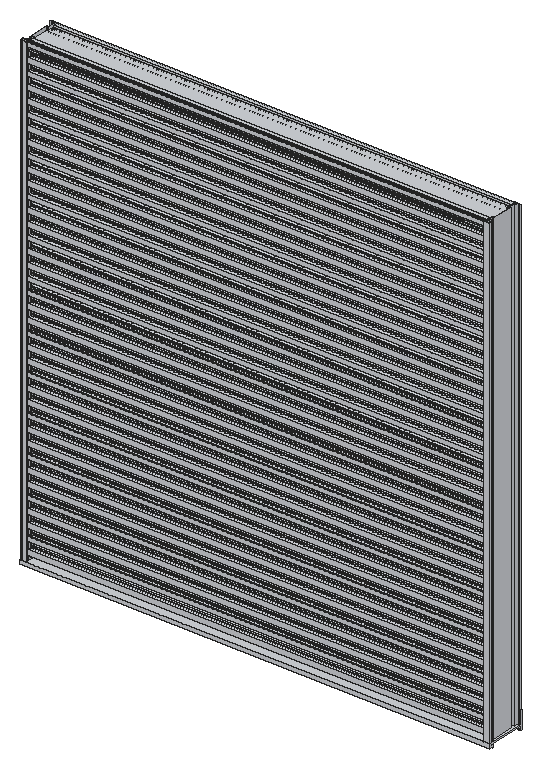
Revit family "XSD-180", category Mechanical Equipment, Revit 2015
Parameters
  URL = "https://www.unitedenertech.com/catalog/pdf/A_16c%20XSD-180.pdf"
  LOUVER WIDTH = 7' - 0"
  LOUVER HEIGHT = 7' - 0"
  BLADES NUMBER = (LOUVER HEIGHT - 0' 5 1/4") / BLADE SPACING  # 36
  BLADE WIDTH = LOUVER WIDTH - 0' 2"  # 6' - 10"
  BLADE SPACING = 0' - 2 3/16"
Reference planes (in)
  plane 1 "Center (Front/Back)": y = 0
  plane 2: z = 0
  plane 3 "Center (Left/Right)": x = 0
  plane 4: x = 42
  plane 5: x = -42
  plane 6: y = -0.082
  plane 7: z = 0.75
  plane 8: z = 84
  plane 9: x = -40.9895
  plane 10: x = 40.9895
  plane 11: z = 82.67563
  plane 12: y = -0.082
  plane 13: z = 81.44305
  plane 14: z = 79.25555
  plane 15: z = 77.06805
Forms (in)
  Extrusion 1, solid
    sketch origin (0, 0, 0) x (0, 1, 0) y (0, 0, 1)
      loop
        line (-6.42265, 0) -> (-6.42265, 0.32) -> (-6.92265, 0.32) -> (-6.92265, 0.668) -> (-0.082, 0.668) -> (-0.082, 0.082) -> (-0.1875, 0.082) -> (-0.1875, 0) -> (0, 0) -> (0, 3.1875) -> (-0.082, 3.1875) -> (-0.082, 0.75) -> (-7.00465, 0.75) -> (-7.00465, 0.069) -> (-6.78865, 0.069) -> (-6.78865, 0.15) -> (-6.90165, 0.15) -> (-6.90165, 0.238) -> (-6.50465, 0.238) -> (-6.50465, 0.15) -> (-6.56565, 0.15) -> (-6.56565, 0.069) -> (-6.50465, 0.069) -> (-6.50465, 0) -> (-6.42265, 0)
    from -42 to 42
  Extrusion 2, solid
    sketch origin (0, 0, 0) x (1, 0, 0) y (0, 1, 0)
      loop
        line (-40.8565, -6.8869) -> (-41.687, -6.8869) -> (-41.687, -6.4549) -> (-40.9895, -6.4549) -> (-40.9895, -6.3799) -> (-41.2885, -6.3799) -> (-41.2885, -6.2079) -> (-40.9895, -6.2079) -> (-40.9895, -5.4519) -> (-41.04888, -5.4519) -> (-41.15588, -5.42157)
        arc (-41.15588, -5.42157) -> (-41.28, -5.3649) -> (-41.15588, -5.30823) r 0.075
        line (-41.15588, -5.30823) -> (-41.04888, -5.2779) -> (-40.9895, -5.2779) -> (-40.9895, -5.2029) -> (-41.2885, -5.2029) -> (-41.2885, -2.04095) -> (-40.9895, -2.04095) -> (-40.9895, -1.96595) -> (-41.04888, -1.96595) -> (-41.15588, -1.93562)
        arc (-41.15588, -1.93562) -> (-41.28, -1.87895) -> (-41.15588, -1.82228) r 0.075
        line (-41.15588, -1.82228) -> (-41.04888, -1.79195) -> (-40.9895, -1.79195) -> (-40.9895, -0.619) -> (-41.2885, -0.619) -> (-41.2885, -0.431) -> (-40.9895, -0.431) -> (-40.9895, -0.356) -> (-41.2885, -0.356) -> (-41.2885, -0.163) -> (-40.8565, -0.163) -> (-40.8565, -0.082) -> (-42, -0.082) -> (-42, -0.438) -> (-41.925, -0.438) -> (-41.925, -0.163) -> (-41.3635, -0.163) -> (-41.3635, -0.694) -> (-41.0645, -0.694) -> (-41.0645, -1.71695) -> (-41.3635, -1.71695) -> (-41.3635, -5.5269) -> (-41.0645, -5.5269) -> (-41.0645, -6.1329) -> (-41.3635, -6.1329) -> (-41.3635, -6.3799) -> (-42, -6.3799) -> (-42, -6.4619) -> (-41.931, -6.4619) -> (-41.931, -6.5229) -> (-41.85, -6.5229) -> (-41.85, -6.4619) -> (-41.762, -6.4619) -> (-41.762, -6.8589) -> (-41.85, -6.8589) -> (-41.85, -6.7459) -> (-41.931, -6.7459) -> (-41.931, -6.9679) -> (-40.8565, -6.9679) -> (-40.8565, -6.8869)
    from 0.75 to 84
  Extrusion 3, solid
    sketch origin (0, 0, 0) x (-1, 0, 0) y (0, -1, 0)
      loop
        line (-40.8565, 6.8869) -> (-40.8565, 6.9679) -> (-41.931, 6.9679) -> (-41.931, 6.7459) -> (-41.85, 6.7459) -> (-41.85, 6.8589) -> (-41.762, 6.8589) -> (-41.762, 6.4619) -> (-41.85, 6.4619) -> (-41.85, 6.5229) -> (-41.931, 6.5229) -> (-41.931, 6.4619) -> (-42, 6.4619) -> (-42, 6.3799) -> (-41.3635, 6.3799) -> (-41.3635, 6.1329) -> (-41.0645, 6.1329) -> (-41.0645, 5.5269) -> (-41.3635, 5.5269) -> (-41.3635, 1.71695) -> (-41.0645, 1.71695) -> (-41.0645, 0.694) -> (-41.3635, 0.694) -> (-41.3635, 0.163) -> (-41.925, 0.163) -> (-41.925, 0.438) -> (-42, 0.438) -> (-42, 0.082) -> (-40.8565, 0.082) -> (-40.8565, 0.163) -> (-41.2885, 0.163) -> (-41.2885, 0.356) -> (-40.9895, 0.356) -> (-40.9895, 0.431) -> (-41.2885, 0.431) -> (-41.2885, 0.619) -> (-40.9895, 0.619) -> (-40.9895, 1.79195) -> (-41.04888, 1.79195) -> (-41.15588, 1.82228)
        arc (-41.15588, 1.82228) -> (-41.28, 1.87895) -> (-41.15588, 1.93562) r 0.075
        line (-41.15588, 1.93562) -> (-41.04888, 1.96595) -> (-40.9895, 1.96595) -> (-40.9895, 2.04095) -> (-41.2885, 2.04095) -> (-41.2885, 5.2029) -> (-40.9895, 5.2029) -> (-40.9895, 5.2779) -> (-41.04888, 5.2779) -> (-41.15588, 5.30823)
        arc (-41.15588, 5.30823) -> (-41.28, 5.3649) -> (-41.15588, 5.42157) r 0.075
        line (-41.15588, 5.42157) -> (-41.04888, 5.4519) -> (-40.9895, 5.4519) -> (-40.9895, 6.2079) -> (-41.2885, 6.2079) -> (-41.2885, 6.3799) -> (-40.9895, 6.3799) -> (-40.9895, 6.4549) -> (-41.687, 6.4549) -> (-41.687, 6.8869) -> (-40.8565, 6.8869)
    from 0.75 to 84
  Extrusion 4, solid
    sketch origin (0, 0, 0) x (0, 1, 0) y (0, 0, 1)
      loop
        line (-0.44985, 82.49278) -> (-0.27499, 82.67563) -> (-0.082, 82.67563) -> (-0.082, 84) -> (-0.956, 84) -> (-0.956, 83.72728) -> (-5.7319, 83.72728) -> (-5.7319, 84) -> (-6.37291, 84) -> (-6.37291, 83.931) -> (-6.43391, 83.931) -> (-6.43391, 83.85) -> (-6.37291, 83.85) -> (-6.37291, 83.762) -> (-6.7109, 83.762) -> (-6.7109, 83.85) -> (-6.65691, 83.85) -> (-6.65691, 83.931) -> (-6.7859, 83.931) -> (-6.7859, 83) -> (-6.22796, 82.44206) -> (-6.29068, 82.26861) -> (-6.22015, 82.2431) -> (-6.14121, 82.46138) -> (-6.7109, 83.03107) -> (-6.7109, 83.687) -> (-6.29291, 83.687) -> (-6.29291, 83.925) -> (-5.8119, 83.925) -> (-5.8119, 83.66084)
        arc (-5.8119, 83.66084) -> (-5.9627, 83.55544) -> (-5.91462, 83.37784) r 0.16
        line (-5.91462, 83.37784) -> (-5.86218, 83.44088)
        arc (-5.86218, 83.44088) -> (-5.812, 83.57884) -> (-5.76287, 83.4405) r 0.078
        line (-5.76287, 83.4405) -> (-5.71091, 83.37707)
        arc (-5.71091, 83.37707) -> (-5.67357, 83.42113) -> (-5.6543, 83.47558) r 0.16
        line (-5.6543, 83.47558) -> (-5.6543, 83.01117) -> (-5.5793, 83.01117) -> (-5.5793, 83.65707) -> (-2.44247, 83.65707) -> (-2.44247, 83.53336) -> (-2.50952, 83.56641) -> (-2.53737, 83.5099) -> (-2.37947, 83.43208) -> (-2.37947, 83.65708) -> (-1.25216, 83.65708) -> (-1.25216, 83.59611)
        arc (-1.25216, 83.59611) -> (-1.36828, 83.4762) -> (-1.31449, 83.31819) r 0.16
        line (-1.31449, 83.31819) -> (-1.26205, 83.38123)
        arc (-1.26205, 83.38123) -> (-1.21186, 83.51919) -> (-1.16274, 83.38085) r 0.078
        line (-1.16274, 83.38085) -> (-1.11077, 83.31741)
        arc (-1.11077, 83.31741) -> (-1.05584, 83.47531) -> (-1.17157, 83.59596) r 0.16
        line (-1.17157, 83.59596) -> (-1.17157, 83.65228) -> (-0.876, 83.65228) -> (-0.876, 83.925) -> (-0.163, 83.925) -> (-0.163, 82.75663) -> (-0.3096, 82.75663) -> (-0.50839, 82.54877) -> (-0.44985, 82.49278)
    from -40.9895 to 40.9895
Dimensions and locks (in)
  equal spacing: plane 5, plane 3 "Center (Left/Right)", plane 4
  "LOUVER WIDTH": plane 5 to plane 4
  locked: plane 1 "Center (Front/Back)" to plane 6 at 0.082
  locked: plane 7 to level at 0.75
  "LOUVER HEIGHT": plane 8 to level
  plane 5 to plane 9 = 0' - 1.0105"
  plane 10 to plane 4 = 0' - 1.0105"
  locked: plane 11 to plane 8 at 1.32437
  locked: plane 1 "Center (Front/Back)" to plane 12 at 0.082
  locked: plane 13 to plane 8 at 2.55695
  locked: plane 13 to plane 14 at 2.1875
  plane 14 to plane 15 = 0' - 2 3/16"
  equal spacing: group 1, group 2, group 3, group 4, group 5, group 6, group 7, group 8, group 9, group 10, group 11, group 12, group 13, group 14, group 15, group 16, group 17, group 18, group 19, group 20, group 21, group 22, group 23, group 24, group 25, group 26, group 27, group 28, group 29, group 30, group 31, group 32, group 33, group 34, group 35, group 36  (x2)
  equal spacing: group 36, group 35, group 34, group 33, group 32, group 31, group 30, group 29, group 28, group 27, group 26, group 25, group 24, group 23, group 22, group 21, group 20, group 19, group 18, group 17, group 16, group 15, group 14, group 13, group 12, group 11, group 10, group 9, group 8, group 7, group 6, group 5, group 4, group 3, group 2, group 1
  aligned and locked: level to plane 2
  aligned and locked: plane 5 to Extrusion 1
  aligned and locked: Extrusion 1 to plane 4
  aligned and locked: Extrusion 2 to plane 7
  aligned and locked: Extrusion 3 to plane 4
  aligned and locked: plane 6 to Extrusion 3
  aligned and locked: Extrusion 3 to plane 7
  aligned and locked: Extrusion 2 to plane 8
  aligned and locked: Extrusion 3 to plane 8
  aligned and locked: plane 9 to Extrusion 4
  aligned and locked: Extrusion 4 to plane 10
  aligned and locked: plane 3 "Center (Left/Right)" to nested 1
  aligned and locked: nested 1 to plane 11
  aligned and locked: nested 1 to plane 12
  aligned and locked: plane 14 to nested 2  (x3)
  aligned and locked: plane 13 to nested 1
  aligned and locked: plane 15 to nested 3
Automatic sketch dimensions
  Extrusion 1 sketch curve to plane 7 = 0' - 0"
  Extrusion 1 sketch curve to level = 0' - 0"  (x2)
  Extrusion 1 sketch curve to plane 6 = 0' - 0"  (x2)
  Extrusion 1 sketch curve to plane 1 "Center (Front/Back)" = 0' - 0"
  Extrusion 1 sketch curve to plane 6 = 0' - 0.1055"
  level to Extrusion 1 sketch curve = 0' - 0.32"
  Extrusion 1 sketch curve to Extrusion 1 sketch curve = 0' - 6.23515"
  Extrusion 1 sketch curve to Extrusion 1 sketch curve = 0' - 0.082"  (x3)
  Extrusion 1 sketch curve to Extrusion 1 sketch curve = 0' - 0.061"
  level to Extrusion 1 sketch curve = 0' - 0.069"  (x2)
  Extrusion 1 sketch curve to Extrusion 1 sketch curve = 0' - 0.223"
  Extrusion 1 sketch curve to Extrusion 1 sketch curve = 0' - 0.113"
  Extrusion 1 sketch curve to plane 7 = 0' - 0.082"
  Extrusion 1 sketch curve to Extrusion 1 sketch curve = 0' - 0.021"
  Extrusion 1 sketch curve to Extrusion 1 sketch curve = 0' - 0.103"
  level to Extrusion 1 sketch curve = 0' - 0.082"
  Extrusion 1 sketch curve to Extrusion 1 sketch curve = 0' - 0.081"  (x2)
  plane 7 to Extrusion 1 sketch curve = 0' - 2 7/16"
  Extrusion 2 sketch curve to plane 5 = 0' - 0"  (x2)
  Extrusion 2 sketch curve to plane 9 = 0' - 0"  (x6)
  Extrusion 2 sketch curve to plane 6 = 0' - 0"
  Extrusion 2 sketch curve to plane 5 = 0' - 0.069"  (x2)
  Extrusion 2 sketch curve to plane 5 = 0' - 0.075"
  Extrusion 2 sketch curve to Extrusion 2 sketch curve = 0' - 0.081"  (x4)
  Extrusion 2 sketch curve to Extrusion 2 sketch curve = 0' - 0.088"
  Extrusion 2 sketch curve to Extrusion 2 sketch curve = 0' - 0.075"  (x10)
  Extrusion 2 sketch curve to plane 6 = 0' - 0.081"
  plane 9 to Extrusion 2 sketch curve = 0' - 0.374"  (x3)
  plane 9 to Extrusion 2 sketch curve = 0' - 0.299"
  Extrusion 2 sketch curve to Extrusion 2 sketch curve = 0' - 0.0835"  (x2)
  Extrusion 2 sketch curve to Extrusion 2 sketch curve = 0' - 0.04912"  (x4)
  plane 9 to Extrusion 2 sketch curve = 0' - 0.075"  (x2)
  plane 9 to Extrusion 2 sketch curve = 0' - 0.05938"  (x4)
  Extrusion 2 sketch curve to plane 9 = 0' - 0.133"  (x2)
  Extrusion 2 sketch curve to Extrusion 2 sketch curve = 0' - 0.193"
  Extrusion 2 sketch curve to Extrusion 2 sketch curve = 0' - 0.275"
  Extrusion 2 sketch curve to Extrusion 2 sketch curve = 0' - 0.188"
  Extrusion 2 sketch curve to Extrusion 2 sketch curve = 0' - 1.02295"
  Extrusion 2 sketch curve to Extrusion 2 sketch curve = 0' - 0.03033"  (x4)
  Extrusion 2 sketch curve to Extrusion 2 sketch curve = 0' - 0.05667"  (x2)
  Extrusion 2 sketch curve to Extrusion 2 sketch curve = 0' - 0.10533"
  Extrusion 2 sketch curve to Extrusion 2 sketch curve = 0' - 3.16195"
  Extrusion 2 sketch curve to Extrusion 2 sketch curve = 0' - 0.162"
  Extrusion 2 sketch curve to Extrusion 2 sketch curve = 0' - 0.606"
  Extrusion 2 sketch curve to Extrusion 2 sketch curve = 0' - 0.172"
  Extrusion 2 sketch curve to Extrusion 2 sketch curve = 0' - 0.247"
  Extrusion 2 sketch curve to Extrusion 2 sketch curve = 0' - 0.082"
  Extrusion 2 sketch curve to Extrusion 2 sketch curve = 0' - 0.007"
  Extrusion 2 sketch curve to Extrusion 2 sketch curve = 0' - 0.061"
  Extrusion 2 sketch curve to Extrusion 2 sketch curve = 0' - 0.223"
  Extrusion 2 sketch curve to Extrusion 2 sketch curve = 0' - 0.113"
  Extrusion 2 sketch curve to Extrusion 2 sketch curve = 0' - 0.432"
  Extrusion 3 sketch curve to plane 4 = 0' - 0"  (x2)
  Extrusion 3 sketch curve to plane 10 = 0' - 0"  (x6)
  Extrusion 3 sketch curve to plane 6 = 0' - 0"
  Extrusion 3 sketch curve to plane 4 = 0' - 0.069"  (x2)
  Extrusion 3 sketch curve to plane 4 = 0' - 0.075"
  Extrusion 3 sketch curve to Extrusion 3 sketch curve = 0' - 0.081"  (x4)
  Extrusion 3 sketch curve to Extrusion 3 sketch curve = 0' - 0.088"
  Extrusion 3 sketch curve to Extrusion 3 sketch curve = 0' - 0.075"  (x10)
  plane 6 to Extrusion 3 sketch curve = 0' - 0.081"
  Extrusion 3 sketch curve to plane 10 = 0' - 0.374"  (x3)
  Extrusion 3 sketch curve to Extrusion 3 sketch curve = 0' - 0.299"
  Extrusion 3 sketch curve to Extrusion 3 sketch curve = 0' - 0.0835"  (x2)
  Extrusion 3 sketch curve to Extrusion 3 sketch curve = 0' - 0.04912"  (x4)
  Extrusion 3 sketch curve to plane 10 = 0' - 0.075"  (x2)
  Extrusion 3 sketch curve to Extrusion 3 sketch curve = 0' - 0.05938"  (x4)
  plane 10 to Extrusion 3 sketch curve = 0' - 0.133"  (x2)
  Extrusion 3 sketch curve to Extrusion 3 sketch curve = 0' - 0.193"
  Extrusion 3 sketch curve to Extrusion 3 sketch curve = 0' - 0.275"
  Extrusion 3 sketch curve to Extrusion 3 sketch curve = 0' - 0.188"
  Extrusion 3 sketch curve to Extrusion 3 sketch curve = 0' - 1.02295"
  Extrusion 3 sketch curve to Extrusion 3 sketch curve = 0' - 0.03033"  (x4)
  Extrusion 3 sketch curve to Extrusion 3 sketch curve = 0' - 0.05667"  (x2)
  Extrusion 3 sketch curve to Extrusion 3 sketch curve = 0' - 0.10533"
  Extrusion 3 sketch curve to Extrusion 3 sketch curve = 0' - 3.16195"
  Extrusion 3 sketch curve to Extrusion 3 sketch curve = 0' - 0.162"
  Extrusion 3 sketch curve to Extrusion 3 sketch curve = 0' - 0.606"
  Extrusion 3 sketch curve to Extrusion 3 sketch curve = 0' - 0.172"
  Extrusion 3 sketch curve to Extrusion 3 sketch curve = 0' - 0.247"
  Extrusion 3 sketch curve to Extrusion 3 sketch curve = 0' - 0.082"
  Extrusion 3 sketch curve to Extrusion 3 sketch curve = 0' - 0.007"
  Extrusion 3 sketch curve to Extrusion 3 sketch curve = 0' - 0.061"
  Extrusion 3 sketch curve to Extrusion 3 sketch curve = 0' - 0.223"
  Extrusion 3 sketch curve to Extrusion 3 sketch curve = 0' - 0.113"
  Extrusion 3 sketch curve to Extrusion 3 sketch curve = 0' - 0.432"
  Extrusion 4 sketch curve to Extrusion 4 sketch curve = 0' - 0"  (x10)
  Extrusion 4 sketch curve to plane 8 = 0' - 0"
  plane 8 to Extrusion 4 sketch curve = 0' - 0"
  Extrusion 4 sketch curve to plane 6 = 0' - 0"
  Extrusion 4 sketch curve to plane 6 = 0' - 0.081"
  Extrusion 4 sketch curve to Extrusion 4 sketch curve = 0' - 0.11199"
  Extrusion 4 sketch curve to Extrusion 4 sketch curve = 0' - 0.03462"
  Extrusion 4 sketch curve to Extrusion 4 sketch curve = 0' - 0.17486"
  Extrusion 4 sketch curve to Extrusion 4 sketch curve = 0' - 0.05854"
  plane 8 to Extrusion 4 sketch curve = 0' - 0.075"  (x2)
  Extrusion 4 sketch curve to Extrusion 4 sketch curve = 0' - 0.713"
  Extrusion 4 sketch curve to Extrusion 4 sketch curve = 0' - 0.08"  (x3)
  Extrusion 4 sketch curve to Extrusion 4 sketch curve = 0' - 0.23477"
  plane 8 to Extrusion 4 sketch curve = 0' - 0.61915"
  Extrusion 4 sketch curve to Extrusion 4 sketch curve = 0' - 0.05196"  (x2)
  Extrusion 4 sketch curve to Extrusion 4 sketch curve = 0' - 0.21557"
  Extrusion 4 sketch curve to Extrusion 4 sketch curve = 0' - 0.04943"  (x2)
  Extrusion 4 sketch curve to Extrusion 4 sketch curve = 0' - 0.08059"
  plane 8 to Extrusion 4 sketch curve = 0' - 0.61877"
  Extrusion 4 sketch curve to Extrusion 4 sketch curve = 0' - 0.04988"  (x2)
  Extrusion 4 sketch curve to Extrusion 4 sketch curve = 0' - 0.05244"  (x2)
  plane 8 to Extrusion 4 sketch curve = 0' - 0.56792"
  Extrusion 4 sketch curve to Extrusion 4 sketch curve = 0' - 1.06498"
  Extrusion 4 sketch curve to Extrusion 4 sketch curve = 0' - 0.063"
  plane 8 to Extrusion 4 sketch curve = 0' - 0 111/256"
  Extrusion 4 sketch curve to Extrusion 4 sketch curve = 0' - 0.06705"
  plane 8 to Extrusion 4 sketch curve = 0' - 0.4901"
  plane 8 to Extrusion 4 sketch curve = 0' - 0.34293"
  Extrusion 4 sketch curve to Extrusion 4 sketch curve = 0' - 3.04193"
  Extrusion 4 sketch curve to Extrusion 4 sketch curve = 0' - 0.075"  (x4)
  plane 8 to Extrusion 4 sketch curve = 0' - 0.62293"
  Extrusion 4 sketch curve to Extrusion 4 sketch curve = 0' - 0.05661"
  Extrusion 4 sketch curve to Extrusion 4 sketch curve = 0' - 0.1526"
  plane 8 to Extrusion 4 sketch curve = 0' - 0.5595"
  plane 8 to Extrusion 4 sketch curve = 0' - 0.55912"
  plane 8 to Extrusion 4 sketch curve = 0' - 0.62216"
  Extrusion 4 sketch curve to Extrusion 4 sketch curve = 0' - 0.48691"
  Extrusion 4 sketch curve to Extrusion 4 sketch curve = 0' - 0.07894"
  Extrusion 4 sketch curve to Extrusion 4 sketch curve = 0' - 0.08674"
  Extrusion 4 sketch curve to Extrusion 4 sketch curve = 0' - 0.48101"
  Extrusion 4 sketch curve to Extrusion 4 sketch curve = 0' - 0.061"
  plane 8 to Extrusion 4 sketch curve = 0' - 0.069"  (x2)
  Extrusion 4 sketch curve to Extrusion 4 sketch curve = 0' - 0.223"
  Extrusion 4 sketch curve to Extrusion 4 sketch curve = 0' - 0.05399"  (x2)
  Extrusion 4 sketch curve to Extrusion 4 sketch curve = 0' - 0.03107"
  Extrusion 4 sketch curve to Extrusion 4 sketch curve = 0' - 0.06344"
  Extrusion 4 sketch curve to Extrusion 4 sketch curve = 0' - 0.06304"
  Extrusion 4 sketch curve to Extrusion 4 sketch curve = 0' - 0.27272"
  Extrusion 4 sketch curve to Extrusion 4 sketch curve = 0' - 0.238"
  Extrusion 4 sketch curve to Extrusion 4 sketch curve = 0' - 0.088"  (x2)
  plane 8 to Extrusion 4 sketch curve = 0' - 1.73139"
  Extrusion 4 sketch curve to Extrusion 4 sketch curve = 0' - 0.07053"
  Extrusion 4 sketch curve to Extrusion 4 sketch curve = 0' - 0.02551"
  Extrusion 4 sketch curve to Extrusion 4 sketch curve = 0' - 0.82463"
  Extrusion 4 sketch curve to Extrusion 4 sketch curve = 0' - 0.05598"
  Extrusion 4 sketch curve to Extrusion 4 sketch curve = 0' - 0.687"
  Extrusion 4 sketch curve to Extrusion 4 sketch curve = 0' - 0.3659"
Nested families (in)
  nested 1: "XSD BLADE" at (0, 6.837, 80.53895), type "XSD BLADE"
    with BLADE WIDTH 6' - 10"
  nested 2: "XSD BLADE" at (0, 6.837, 78.35145), type "XSD BLADE"
    with BLADE WIDTH 6' - 10"
  nested 3: "XSD BLADE" at (0, 6.837, 76.16395), type "XSD BLADE"
    with BLADE WIDTH 6' - 10"
  nested 4: "XSD BLADE" at (0, 6.837, 73.97645), type "XSD BLADE"
    with BLADE WIDTH 6' - 10"
  nested 5: "XSD BLADE" at (0, 6.837, 71.78895), type "XSD BLADE"
    with BLADE WIDTH 6' - 10"
  nested 6: "XSD BLADE" at (0, 6.837, 69.60145), type "XSD BLADE"
    with BLADE WIDTH 6' - 10"
  nested 7: "XSD BLADE" at (0, 6.837, 67.41395), type "XSD BLADE"
    with BLADE WIDTH 6' - 10"
  nested 8: "XSD BLADE" at (0, 6.837, 65.22645), type "XSD BLADE"
    with BLADE WIDTH 6' - 10"
  nested 9: "XSD BLADE" at (0, 6.837, 63.03895), type "XSD BLADE"
    with BLADE WIDTH 6' - 10"
  nested 10: "XSD BLADE" at (0, 6.837, 60.85145), type "XSD BLADE"
    with BLADE WIDTH 6' - 10"
  nested 11: "XSD BLADE" at (0, 6.837, 58.66395), type "XSD BLADE"
    with BLADE WIDTH 6' - 10"
  nested 12: "XSD BLADE" at (0, 6.837, 56.47645), type "XSD BLADE"
    with BLADE WIDTH 6' - 10"
  nested 13: "XSD BLADE" at (0, 6.837, 54.28895), type "XSD BLADE"
    with BLADE WIDTH 6' - 10"
  nested 14: "XSD BLADE" at (0, 6.837, 52.10145), type "XSD BLADE"
    with BLADE WIDTH 6' - 10"
  nested 15: "XSD BLADE" at (0, 6.837, 49.91395), type "XSD BLADE"
    with BLADE WIDTH 6' - 10"
  nested 16: "XSD BLADE" at (0, 6.837, 47.72645), type "XSD BLADE"
    with BLADE WIDTH 6' - 10"
  nested 17: "XSD BLADE" at (0, 6.837, 45.53895), type "XSD BLADE"
    with BLADE WIDTH 6' - 10"
  nested 18: "XSD BLADE" at (0, 6.837, 43.35145), type "XSD BLADE"
    with BLADE WIDTH 6' - 10"
  nested 19: "XSD BLADE" at (0, 6.837, 41.16395), type "XSD BLADE"
    with BLADE WIDTH 6' - 10"
  nested 20: "XSD BLADE" at (0, 6.837, 38.97645), type "XSD BLADE"
    with BLADE WIDTH 6' - 10"
  nested 21: "XSD BLADE" at (0, 6.837, 36.78895), type "XSD BLADE"
    with BLADE WIDTH 6' - 10"
  nested 22: "XSD BLADE" at (0, 6.837, 34.60145), type "XSD BLADE"
    with BLADE WIDTH 6' - 10"
  nested 23: "XSD BLADE" at (0, 6.837, 32.41395), type "XSD BLADE"
    with BLADE WIDTH 6' - 10"
  nested 24: "XSD BLADE" at (0, 6.837, 30.22645), type "XSD BLADE"
    with BLADE WIDTH 6' - 10"
  nested 25: "XSD BLADE" at (0, 6.837, 28.03895), type "XSD BLADE"
    with BLADE WIDTH 6' - 10"
  nested 26: "XSD BLADE" at (0, 6.837, 25.85145), type "XSD BLADE"
    with BLADE WIDTH 6' - 10"
  nested 27: "XSD BLADE" at (0, 6.837, 23.66395), type "XSD BLADE"
    with BLADE WIDTH 6' - 10"
  nested 28: "XSD BLADE" at (0, 6.837, 21.47645), type "XSD BLADE"
    with BLADE WIDTH 6' - 10"
  nested 29: "XSD BLADE" at (0, 6.837, 19.28895), type "XSD BLADE"
    with BLADE WIDTH 6' - 10"
  nested 30: "XSD BLADE" at (0, 6.837, 17.10145), type "XSD BLADE"
    with BLADE WIDTH 6' - 10"
  nested 31: "XSD BLADE" at (0, 6.837, 14.91395), type "XSD BLADE"
    with BLADE WIDTH 6' - 10"
  nested 32: "XSD BLADE" at (0, 6.837, 12.72645), type "XSD BLADE"
    with BLADE WIDTH 6' - 10"
  nested 33: "XSD BLADE" at (0, 6.837, 10.53895), type "XSD BLADE"
    with BLADE WIDTH 6' - 10"
  nested 34: "XSD BLADE" at (0, 6.837, 8.35145), type "XSD BLADE"
    with BLADE WIDTH 6' - 10"
  nested 35: "XSD BLADE" at (0, 6.837, 6.16395), type "XSD BLADE"
    with BLADE WIDTH 6' - 10"
  nested 36: "XSD BLADE" at (0, 6.837, 3.97645), type "XSD BLADE"
    with BLADE WIDTH 6' - 10"
  nested 37: "XSD BLADE" at (0, 6.837, 1.78895), type "XSD BLADE"
    with BLADE WIDTH 6' - 10"
Definition of nested family "XSD BLADE"
  Parameters (values of type "XSD BLADE")
    BLADE WIDTH = 5' - 0"
  Reference planes (in)
    plane 1 "Center (Front/Back)": y = 0
    plane 2: z = 0
    plane 3 "Center (Left/Right)": x = 0
    plane 4: x = -30
    plane 5: x = 30
  Forms (in)
    Extrusion 1, solid
      sketch origin (0, -6.919, 0) x (0, 1, 0) y (0, 0, 1)
        loop
          line (0, 2.13668) -> (-0.081, 2.13668) -> (-0.081, 1.75718)
          arc (-0.081, 1.75718) -> (-0.63999, 1.19997) -> (-1.32988, 0.81655) r 2.8632
          arc (-1.32988, 0.81655) -> (-1.69652, 0.72243) -> (-2.07381, 0.75305) r 1.14444
          arc (-2.07381, 0.75305) -> (-2.85353, 1.1332) -> (-3.46681, 1.74668) r 2.62538
          arc (-3.46681, 1.74668) -> (-3.42046, 1.83314) -> (-3.41738, 1.93119) r 0.21483
          line (-3.41738, 1.93119) -> (-3.47914, 1.91874)
          arc (-3.47914, 1.91874) -> (-3.4797, 1.85605) -> (-3.50555, 1.79892) r 0.15183
          arc (-3.50555, 1.79892) -> (-3.59101, 1.92679) -> (-3.66815, 2.05983) r 2.41608
          arc (-3.66815, 2.05983) -> (-4.14142, 2.29073) -> (-4.5839, 2.00525) r 0.53605
          line (-4.5839, 2.00525) -> (-4.51222, 1.96753)
          arc (-4.51222, 1.96753) -> (-4.14086, 2.20959) -> (-3.73948, 2.02145) r 0.45565
          arc (-3.73948, 2.02145) -> (-3.66373, 1.89036) -> (-3.58018, 1.76411) r 2.49708
          arc (-3.58018, 1.76411) -> (-3.49615, 1.64635) -> (-3.40598, 1.53321) r 2.72455
          arc (-3.40598, 1.53321) -> (-3.4754, 1.47786) -> (-3.56217, 1.49664) r 0.10354
          arc (-3.56217, 1.49664) -> (-3.91201, 1.68553) -> (-4.30262, 1.61149) r 0.59406
          arc (-4.30262, 1.61149) -> (-4.88184, 1.24314) -> (-5.52471, 1.0025) r 3.30198
          line (-5.52471, 1.0025) -> (-6.01508, 0.94425) -> (-6.6199, 0.22937) -> (-6.6199, 0.9041) -> (-6.7039, 0.9041) -> (-6.7039, 0) -> (-6.02925, 0.79784)
          arc (-6.02925, 0.79784) -> (-5.94237, 0.84921) -> (-5.84622, 0.87991) r 0.44976
          arc (-5.84622, 0.87991) -> (-5.86397, 0.75095) -> (-5.78001, 0.65149) r 0.16
          line (-5.78001, 0.65149) -> (-5.74428, 0.7253)
          arc (-5.74428, 0.7253) -> (-5.72878, 0.87128) -> (-5.6478, 0.74883) r 0.078
          line (-5.6478, 0.74883) -> (-5.5821, 0.69977)
          arc (-5.5821, 0.69977) -> (-5.55054, 0.80423) -> (-5.59329, 0.90463) r 0.16
          arc (-5.59329, 0.90463) -> (-4.89124, 1.14721) -> (-4.26178, 1.54154) r 3.27974
          arc (-4.26178, 1.54154) -> (-3.92442, 1.60549) -> (-3.62229, 1.44235) r 0.51306
          arc (-3.62229, 1.44235) -> (-3.4804, 1.39499) -> (-3.35068, 1.46948) r 0.18273
          arc (-3.35068, 1.46948) -> (-2.75181, 0.96837) -> (-2.0353, 0.65797) r 2.72119
          line (-2.0353, 0.65797) -> (-2.0353, 0.24955) -> (-2.32578, 0.39823) -> (-2.36268, 0.32612) -> (-1.97759, 0.12902)
          arc (-1.97759, 0.12902) -> (-1.89582, 0.06198) -> (-1.86832, -0.04012) r 0.17302
          line (-1.86832, -0.04012) -> (-1.79202, -0.01293)
          arc (-1.79202, -0.01293) -> (-1.84116, 0.12325) -> (-1.9543, 0.21358) r 0.26624
          line (-1.9543, 0.21358) -> (-1.9543, 0.64578)
          arc (-1.9543, 0.64578) -> (-1.60373, 0.65213) -> (-1.26887, 0.75613) r 1.24309
          arc (-1.26887, 0.75613) -> (-1.24783, 0.65433) -> (-1.16867, 0.58695) r 0.16
          line (-1.16867, 0.58695) -> (-1.14218, 0.66474)
          arc (-1.14218, 0.66474) -> (-1.15084, 0.80242) -> (-1.03226, 0.73192) r 0.078
          line (-1.03226, 0.73192) -> (-0.95095, 0.72001)
          arc (-0.95095, 0.72001) -> (-0.96417, 0.80133) -> (-1.01609, 0.86529) r 0.16
          arc (-1.01609, 0.86529) -> (-0.45814, 1.23873) -> (0, 1.72951) r 2.92632
          line (0, 1.72951) -> (0, 2.13668)
      from -30 to 30
  Dimensions and locks (in)
    equal spacing: plane 4, plane 3 "Center (Left/Right)", plane 5
    "BLADE WIDTH": plane 4 to plane 5
    aligned and locked: level to plane 2
    aligned and locked: plane 4 to Extrusion 1
    aligned and locked: Extrusion 1 to plane 5
  Automatic sketch dimensions
    plane 1 "Center (Front/Back)" to Extrusion 1 sketch curve = 0' - 6.919"
    level to Extrusion 1 sketch curve = 0' - 2.13668"
    plane 1 "Center (Front/Back)" to Extrusion 1 sketch curve = 0' - 7"
    Extrusion 1 sketch curve to Extrusion 1 sketch curve = 0' - 0.40717"
    Extrusion 1 sketch curve to Extrusion 1 sketch curve = 0' - 0.02768"
    plane 1 "Center (Front/Back)" to Extrusion 1 sketch curve = 0' - 9.27306"
    Extrusion 1 sketch curve to Extrusion 1 sketch curve = 0' - 1.33114"
    level to Extrusion 1 sketch curve = 0' - 0.86529"
    Extrusion 1 sketch curve to Extrusion 1 sketch curve = 0' - 0.0085"
    Extrusion 1 sketch curve to Extrusion 1 sketch curve = 0' - 0.01921"
    Extrusion 1 sketch curve to Extrusion 1 sketch curve = 0' - 0.31379"
    Extrusion 1 sketch curve to Extrusion 1 sketch curve = 0' - 0.09408"
    Extrusion 1 sketch curve to Extrusion 1 sketch curve = 0' - 0.12942"
    Extrusion 1 sketch curve to Extrusion 1 sketch curve = 0' - 0.06514"
    Extrusion 1 sketch curve to Extrusion 1 sketch curve = 0' - 0.0779"
    Extrusion 1 sketch curve to Extrusion 1 sketch curve = 0' - 0.00395"
    Extrusion 1 sketch curve to Extrusion 1 sketch curve = 0' - 0"  (x14)
    Extrusion 1 sketch curve to Extrusion 1 sketch curve = 0' - 0.03202"
    Extrusion 1 sketch curve to Extrusion 1 sketch curve = 0' - 0.02649"
    Extrusion 1 sketch curve to Extrusion 1 sketch curve = 0' - 0.07779"
    Extrusion 1 sketch curve to Extrusion 1 sketch curve = 0' - 0.06101"
    Extrusion 1 sketch curve to Extrusion 1 sketch curve = 0' - 0.47142"
    Extrusion 1 sketch curve to Extrusion 1 sketch curve = 0' - 1.06287"
    level to Extrusion 1 sketch curve = 0' - 0.64578"
    Extrusion 1 sketch curve to Extrusion 1 sketch curve = 0' - 0.00746"
    Extrusion 1 sketch curve to Extrusion 1 sketch curve = 0' - 0.0167"
    Extrusion 1 sketch curve to Extrusion 1 sketch curve = 0' - 0.11951"
    Extrusion 1 sketch curve to Extrusion 1 sketch curve = 0' - 1.02511"
    Extrusion 1 sketch curve to Extrusion 1 sketch curve = 0' - 0.19726"
    Extrusion 1 sketch curve to Extrusion 1 sketch curve = 0' - 1.66551"
    Extrusion 1 sketch curve to Extrusion 1 sketch curve = 0' - 0.00592"
    Extrusion 1 sketch curve to Extrusion 1 sketch curve = 0' - 0.01373"
    Extrusion 1 sketch curve to Extrusion 1 sketch curve = 0' - 0.11613"
    Extrusion 1 sketch curve to Extrusion 1 sketch curve = 0' - 0.081"
    level to Extrusion 1 sketch curve = 0' - 0.21358"
    Extrusion 1 sketch curve to Extrusion 1 sketch curve = 0' - 0.01219"
    Extrusion 1 sketch curve to Extrusion 1 sketch curve = 0' - 0.03597"
    Extrusion 1 sketch curve to level = 0' - 0.03181"
    Extrusion 1 sketch curve to Extrusion 1 sketch curve = 0' - 0.1033"
    Extrusion 1 sketch curve to level = 0' - 0.01293"
    Extrusion 1 sketch curve to level = 0' - 0.04012"
    Extrusion 1 sketch curve to Extrusion 1 sketch curve = 0' - 0.0763"
    Extrusion 1 sketch curve to Extrusion 1 sketch curve = 0' - 0.01645"
    Extrusion 1 sketch curve to Extrusion 1 sketch curve = 0' - 0.0001"
    Extrusion 1 sketch curve to Extrusion 1 sketch curve = 0' - 0.02329"
    level to Extrusion 1 sketch curve = 0' - 0.32612"
    Extrusion 1 sketch curve to Extrusion 1 sketch curve = 0' - 0.03691"
    Extrusion 1 sketch curve to Extrusion 1 sketch curve = 0' - 0.03175"
    Extrusion 1 sketch curve to Extrusion 1 sketch curve = 0' - 0.16986"
    Extrusion 1 sketch curve to Extrusion 1 sketch curve = 0' - 0.12373"
    Extrusion 1 sketch curve to Extrusion 1 sketch curve = 0' - 0.00044"
    Extrusion 1 sketch curve to Extrusion 1 sketch curve = 0' - 0.00188"
    Extrusion 1 sketch curve to Extrusion 1 sketch curve = 0' - 0.00186"
    Extrusion 1 sketch curve to Extrusion 1 sketch curve = 0' - 0.00297"
    Extrusion 1 sketch curve to Extrusion 1 sketch curve = 0' - 0.11337"
    Extrusion 1 sketch curve to Extrusion 1 sketch curve = 0' - 0.06012"
    Extrusion 1 sketch curve to Extrusion 1 sketch curve = 0' - 0.0553"
    Extrusion 1 sketch curve to Extrusion 1 sketch curve = 0' - 0.05429"
    Extrusion 1 sketch curve to Extrusion 1 sketch curve = 0' - 0.38078"
    Extrusion 1 sketch curve to Extrusion 1 sketch curve = 0' - 0.34387"
    Extrusion 1 sketch curve to Extrusion 1 sketch curve = 0' - 0.29956"
    Extrusion 1 sketch curve to Extrusion 1 sketch curve = 0' - 0.04084"
    Extrusion 1 sketch curve to Extrusion 1 sketch curve = 0' - 0.04779"
    Extrusion 1 sketch curve to Extrusion 1 sketch curve = 0' - 0.12462"
    Extrusion 1 sketch curve to Extrusion 1 sketch curve = 0' - 0.04943"
    Extrusion 1 sketch curve to Extrusion 1 sketch curve = 0' - 0.06176"
    Extrusion 1 sketch curve to Extrusion 1 sketch curve = 0' - 0.01245"
    Extrusion 1 sketch curve to Extrusion 1 sketch curve = 0' - 0.03874"
    Extrusion 1 sketch curve to Extrusion 1 sketch curve = 0' - 0.21158"
    Extrusion 1 sketch curve to Extrusion 1 sketch curve = 0' - 0.06587"
    Extrusion 1 sketch curve to Extrusion 1 sketch curve = 0' - 0.04018"
    Extrusion 1 sketch curve to Extrusion 1 sketch curve = 0' - 0.07133"
    Extrusion 1 sketch curve to Extrusion 1 sketch curve = 0' - 0.19348"
    Extrusion 1 sketch curve to Extrusion 1 sketch curve = 0' - 0.14355"
    Extrusion 1 sketch curve to Extrusion 1 sketch curve = 0' - 0.2096"
    Extrusion 1 sketch curve to Extrusion 1 sketch curve = 0' - 0.00038"
    Extrusion 1 sketch curve to Extrusion 1 sketch curve = 0' - 0.00059"
    Extrusion 1 sketch curve to Extrusion 1 sketch curve = 0' - 0.07168"
    Extrusion 1 sketch curve to Extrusion 1 sketch curve = 0' - 1.77067"
    Extrusion 1 sketch curve to Extrusion 1 sketch curve = 0' - 2.19325"
    level to Extrusion 1 sketch curve = 0' - 1.0025"
    Extrusion 1 sketch curve to Extrusion 1 sketch curve = 0' - 0.04809"
    Extrusion 1 sketch curve to Extrusion 1 sketch curve = 0' - 0.0926"
    Extrusion 1 sketch curve to Extrusion 1 sketch curve = 0' - 0.06858"
    Extrusion 1 sketch curve to Extrusion 1 sketch curve = 0' - 0.11701"
    Extrusion 1 sketch curve to Extrusion 1 sketch curve = 0' - 0.10913"
    Extrusion 1 sketch curve to Extrusion 1 sketch curve = 0' - 0.1282"
    level to Extrusion 1 sketch curve = 0' - 0.74883"
    Extrusion 1 sketch curve to Extrusion 1 sketch curve = 0' - 0 1/16"
    Extrusion 1 sketch curve to Extrusion 1 sketch curve = 0' - 0.03398"
    level to Extrusion 1 sketch curve = 0' - 0.65149"
    Extrusion 1 sketch curve to Extrusion 1 sketch curve = 0' - 0.03573"
    Extrusion 1 sketch curve to Extrusion 1 sketch curve = 0' - 0.13593"
    Extrusion 1 sketch curve to Extrusion 1 sketch curve = 0' - 0.02164"
    Extrusion 1 sketch curve to Extrusion 1 sketch curve = 0' - 0.21267"
    Extrusion 1 sketch curve to Extrusion 1 sketch curve = 0' - 0.18303"
    level to Extrusion 1 sketch curve = 0' - 0.94425"
    Extrusion 1 sketch curve to Extrusion 1 sketch curve = 0' - 0.01417"
    level to Extrusion 1 sketch curve = 0' - 0.22937"
    Extrusion 1 sketch curve to Extrusion 1 sketch curve = 0' - 0.59065"
    Extrusion 1 sketch curve to level = 0' - 0"
    Extrusion 1 sketch curve to Extrusion 1 sketch curve = 0' - 0.10626"
    Extrusion 1 sketch curve to Extrusion 1 sketch curve = 0' - 0.084"
